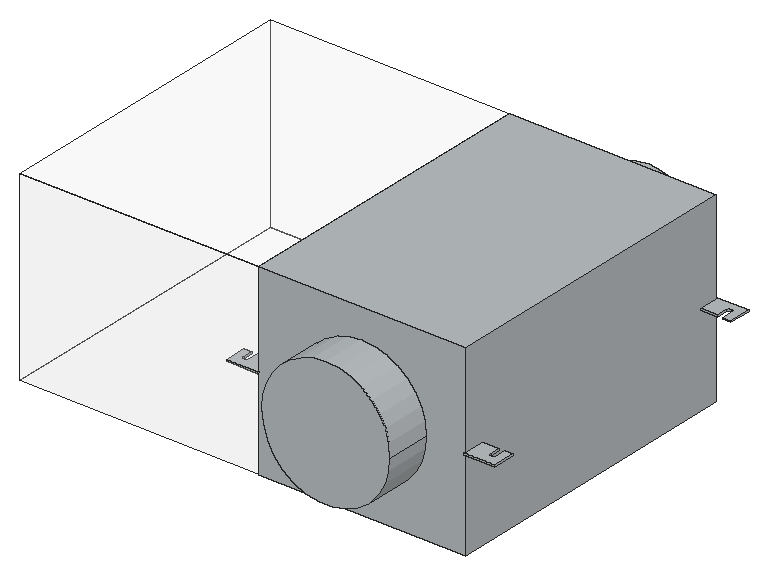
Revit family "bfs-15_150ska2_tka2_50Hz", category 機械設備, Revit 2019
Family settings
  丸型コネクタ寸法 = 直径を使用
  パーツ タイプ = 割り込み
  OmniClass 番号 = 23.75.35.17.27
  OmniClass タイトル = Centrifugal Fans
  作業面ベース = いいえ
  常に垂直 = はい
  ロード時にボイドで切り取り = いいえ
  共有 = いいえ
  部屋計算ポイント = いいえ
Parameters (values of type "BFS-150TKA2")
  騒音レベル(dB(A))_吸込 = 52.5
  騒音レベル(dB(A))_吐出 = 61.5
  騒音レベル(dB(A))_側面 = 41.5
  騒音レベル(dB(A)) = 61.5
  風量 [instance] = 設計風量  # 0.0 m³/h
  電源種別 [instance] = "一般"
  電圧 = 200 V
  電動機出力 = 300 W
  電動機_種別 [instance] = ""
  運転質量 = 0.00 kg
  連動 [instance] = ""
  質量 = if(製品質量 > 運転質量, 製品質量, 運転質量) * 1.2  # 19.80 kg
  負荷分類 = 3_ファン類
  説明 = "ストレートシロッコファン天吊埋込タイプ（高静圧形）"
  設計風量 [instance] = 0.0 m³/h
  設置方法 = "天吊"
  記号 [instance] = ""
  製造元 = "三菱電機株式会社"
  製品質量 = 16.50 kg
  製品出荷対象 = "国内"
  製品リリース年月 = "2022年6月1日"
  製品グループ = ""
  系統 [instance] = ""
  符号 [instance] = if(☑給気／□排気, "FS", "FE")  # "FE"
  積算_科目 = "2 換気設備"
  積算_拾い区分 [instance] = ""
  相 = 3
  盤記号 [instance] = ""
  盤工事区分 = "電気工事"
  発停方法 [instance] = "別売スイッチ"
  番手 = "#1 1/2"
  特殊仕様 [instance] = ""
  火災停止 = ""
  消費電力 = 402 W
  法定耐用年数 = "15"
  機外静圧 [instance] = 0.0 Pa
  極数 = 3
  極 = 4
  材質 [instance] = ""
  本体マテリアル = 溶融亜鉛めっき鋼板
  操作・制御方式 = ""
  操作・制御スイッチ = ""
  排気量 [instance] = if(☑給気／□排気, 0.0 m³/h, 設計風量)  # 0.0 m³/h
  形式 = ""
  形名 = BFS-TKA : BFS-150TKA
  幹線記号 [instance] = ""
  対象室 [instance] = ""
  実風量 = 0.0 m³/h
  始動方式 [instance] = "直入"
  外気量 [instance] = if(☑給気／□排気, 設計風量, 0.0 m³/h)  # 0.0 m³/h
  呼称 = "消音ボックス付送風機"
  周波数 = 50 Hz
  天吊金具ピッチ幅 = 467 mm
  天吊金具ピッチ奥行 = 554 mm
  参照している仕様書等のバージョン = ""
  分類コード = "50052502100020"
  分類グループ = ""
  価格 = 149000
  企業コード = "108420"
  付属品_防振装置 = ""
  付属品 [instance] = ""
  仕様書バージョン = "Version1.0"
  モデル = "BFS-150TKA2"
  ファンの種類 = "多翼形"
  ダクト径 = 250 mm
  サービススペース = yes
  コメント [instance] = ""
  Keynote = ""
  ☑給気／□排気 [instance] = no
  Width = 390 mm
  Version = ""
  Uniclass2015Version = "Systems v1.9"
  Uniclass2015Title = "Centrifugal fans"
  Uniclass2015Code = "Pr_65_67_29_12"
  URL = "https://www.mitsubishielectric.co.jp/ldg/wink/ssl/displayProduct.do?pid=318967"
  SpecificationReference = ""
  SpecificationDescription = ""
  Revision = ""
  ProductInformation = ""
  OmniClassCode = "23-33 31 19 13 15"
  MIN風量 = 1250.0 m³/h
  MIN静圧 = 160.0 Pa
  MID風量 = 0.0 m³/h
  MID静圧 = 0.0 Pa
  MAX風量 = 1500.0 m³/h
  MAX静圧 = 250.0 Pa
  M = 85 mm
  IfcTypeProduct = ""
  IfcProduct = ""
  IfcExportType = "CENTRIFUGALFORWARDCURVED"
  IfcExportAs = "IfcFanType"
  Height = 350 mm
  Depth = 591 mm
  Clearance Top = 0 mm  # constant formula
  Clearance Right = 0 mm  # constant formula
  Clearance Left = 450 mm  # constant formula
  Clearance Front = 0 mm  # constant formula
  Clearance Bottom = 0 mm  # constant formula
  Clearance Back = 0 mm  # constant formula
  Author = "三菱電機株式会社"
Types (13, lengths in mm): name | 騒音レベル(dB(A))_吸込 | 騒音レベル(dB(A))_吐出 | 騒音レベル(dB(A))_側面 | 騒音レベル(dB(A)) | 電圧 | 電動機出力 | 質量 | 製品質量 | 相 | 番手 | 消費電力 | 極数 | 形名 | 天吊金具ピッチ幅 | 天吊金具ピッチ奥行 | 価格 | モデル | ダクト径 | Width | URL | MIN風量 | MIN静圧 | MAX風量 | MAX静圧 | M | Height | Depth
  BFS-15SKA2 | 31 | 37 | 22 | 37 | 100 V | 8 W | 6.24 kg | 5.20 kg | 1 | "#1" | 25 W | 2 | BFS-SKA : BFS-15SKA | 299 | 299 | 49500 | "BFS-15SKA2" | 100 | 223 | "https://www.mitsubishielectric.co.jp/ldg/wink/ssl/displayProduct.do?pid=319024" | 115.0 m³/h | 35.0 Pa | 150.0 m³/h | 55.0 Pa | 60 | 226 | 335
  BFS-30SKA2 | 41.5 | 44.5 | 28.5 | 44.5 | 100 V | 12 W | 6.36 kg | 5.30 kg | 1 | "#1" | 55 W | 2 | BFS-SKA : BFS-30SKA | 299 | 299 | 62000 | "BFS-30SKA2" | 150 | 223 | "https://www.mitsubishielectric.co.jp/ldg/wink/ssl/displayProduct.do?pid=319097" | 240.0 m³/h | 35.0 Pa | 300.0 m³/h | 60.0 Pa | 70 | 226 | 335
  BFS-40SKA2 | 42 | 47 | 30 | 47 | 100 V | 30 W | 8.40 kg | 7.00 kg | 1 | "#1 1/4" | 67 W | 2 | BFS-SKA : BFS-40SKA | 331 | 353 | 73100 | "BFS-40SKA2" | 150 | 255 | "https://www.mitsubishielectric.co.jp/ldg/wink/ssl/displayProduct.do?pid=319102" | 320.0 m³/h | 55.0 Pa | 400.0 m³/h | 80.0 Pa | 70 | 255 | 389
  BFS-50SKA2 | 42.5 | 49 | 30.5 | 49 | 100 V | 45 W | 10.56 kg | 8.80 kg | 1 | "#1 1/4" | 92 W | 2 | BFS-SKA : BFS-50SKA | 395 | 395 | 102000 | "BFS-50SKA2" | 200 | 319 | "https://www.mitsubishielectric.co.jp/ldg/wink/ssl/displayProduct.do?pid=319110" | 420.0 m³/h | 105.0 Pa | 500.0 m³/h | 145.0 Pa | 85 | 255 | 431
  BFS-65SKA2 | 43 | 51 | 31 | 51 | 100 V | 75 W | 13.32 kg | 11.10 kg | 1 | "#1 1/4" | 127 W | 2 | BFS-SKA : BFS-65SKA | 449 | 452 | 108000 | "BFS-65SKA2" | 200 | 373 | "https://www.mitsubishielectric.co.jp/ldg/wink/ssl/displayProduct.do?pid=318892" | 510.0 m³/h | 100.0 Pa | 650.0 m³/h | 170.0 Pa | 85 | 305 | 489
  BFS-80SKA2 | 46 | 54 | 34 | 54 | 100 V | 105 W | 13.32 kg | 11.10 kg | 1 | "#1 1/4" | 175 W | 2 | BFS-SKA : BFS-80SKA | 449 | 452 | 116000 | "BFS-80SKA2" | 200 | 373 | "https://www.mitsubishielectric.co.jp/ldg/wink/ssl/displayProduct.do?pid=318897" | 680.0 m³/h | 115.0 Pa | 800.0 m³/h | 150.0 Pa | 85 | 305 | 489
  BFS-100SKA2 | 48 | 58.5 | 38 | 58.5 | 100 V | 180 W | 18.48 kg | 15.40 kg | 1 | "#1 1/2" | 268 W | 2 | BFS-SKA : BFS-100SKA | 440 | 492 | 129000 | "BFS-100SKA2" | 200 | 363 | "https://www.mitsubishielectric.co.jp/ldg/wink/ssl/displayProduct.do?pid=318846" | 880.0 m³/h | 170.0 Pa | 1000.0 m³/h | 220.0 Pa | 85 | 350 | 528
  BFS-120SKA2 | 49 | 59 | 38.5 | 59 | 100 V | 200 W | 19.68 kg | 16.40 kg | 1 | "#1 1/2" | 307 W | 2 | BFS-SKA : BFS-120SKA | 467 | 554 | 139000 | "BFS-120SKA2" | 250 | 390 | "https://www.mitsubishielectric.co.jp/ldg/wink/ssl/displayProduct.do?pid=318951" | 1000.0 m³/h | 175.0 Pa | 1200.0 m³/h | 260.0 Pa | 85 | 350 | 591
  BFS-150SKA2 | 54 | 62 | 41.5 | 62 | 100 V | 300 W | 19.92 kg | 16.60 kg | 1 | "#1 1/2" | 426 W | 2 | BFS-SKA : BFS-150SKA | 467 | 554 | 149000 | "BFS-150SKA2" | 250 | 390 | "https://www.mitsubishielectric.co.jp/ldg/wink/ssl/displayProduct.do?pid=318959" | 1330.0 m³/h | 190.0 Pa | 1500.0 m³/h | 240.0 Pa | 85 | 350 | 591
  BFS-80TKA2 | 45 | 55 | 33 | 55 | 200 V | 170 W | 14.64 kg | 12.20 kg | 3 | "#1 1/4" | 150 W | 3 | BFS-TKA : BFS-80TKA | 449 | 452 | 116000 | "BFS-80TKA2" | 200 | 373 | "https://www.mitsubishielectric.co.jp/ldg/wink/ssl/displayProduct.do?pid=318466" | 660.0 m³/h | 120.0 Pa | 800.0 m³/h | 175.0 Pa | 85 | 305 | 489
  BFS-100TKA2 | 48.5 | 59 | 38 | 59 | 200 V | 200 W | 17.40 kg | 14.50 kg | 3 | "#1 1/2" | 240 W | 3 | BFS-TKA : BFS-100TKA | 440 | 492 | 129000 | "BFS-100TKA2" | 200 | 363 | "https://www.mitsubishielectric.co.jp/ldg/wink/ssl/displayProduct.do?pid=318947" | 780.0 m³/h | 140.0 Pa | 1000.0 m³/h | 230.0 Pa | 85 | 350 | 528
  BFS-120TKA2 | 49 | 59.5 | 38.5 | 59.5 | 200 V | 200 W | 19.80 kg | 16.50 kg | 3 | "#1 1/2" | 302 W | 3 | BFS-TKA : BFS-120TKA | 467 | 554 | 139000 | "BFS-120TKA2" | 250 | 390 | "https://www.mitsubishielectric.co.jp/ldg/wink/ssl/displayProduct.do?pid=318955" | 930.0 m³/h | 170.0 Pa | 1200.0 m³/h | 280.0 Pa | 85 | 350 | 591
  BFS-150TKA2 | 52.5 | 61.5 | 41.5 | 61.5 | 200 V | 300 W | 19.80 kg | 16.50 kg | 3 | "#1 1/2" | 402 W | 3 | BFS-TKA : BFS-150TKA | 467 | 554 | 149000 | "BFS-150TKA2" | 250 | 390 | "https://www.mitsubishielectric.co.jp/ldg/wink/ssl/displayProduct.do?pid=318967" | 1250.0 m³/h | 160.0 Pa | 1500.0 m³/h | 250.0 Pa | 85 | 350 | 591
Reference planes
  plane 1 "中心(正面/背面)": y = 0
  plane 2: z = 0
  plane 3 "中心(左/右)": x = -128
  plane 4 "左": x = -323
  plane 5 "右": x = 67
  plane 6 "背面": y = 295.5
  plane 7 "正面": y = -295.5
  plane 8: z = 175
  plane 9: y = 277
  plane 10: y = -277
  plane 11: x = 105.5
  plane 12: x = -361.5
  plane 13: z = -175
  plane 14: z = 175
  plane 15: z = -175
  plane 16: y = 295.5
  plane 17: y = -295.5
  plane 18: x = 67
  plane 19: x = -773
Lines and regions (mm)
  Masking region 1, detail levels coarse+medium
    outline origin (-315.261, -441.142, 0) x (1, 0, 0) y (0, 1, 0)
      loop
        line (-7.739, 145.642) -> (382.261, 145.642) -> (382.261, 736.642) -> (-7.739, 736.642) -> (-7.739, 145.642)
  symbolic lines, detail levels coarse+medium
    curve 1: line (-323, 295.5, 0) -> (67, 0, 0)
    curve 2: line (67, 0, 0) -> (-323, -295.5, 0)
Dimensions and locks
  "Width": plane 4 "左" to plane 5 "右"
  equal spacing: plane 7 "正面", plane 1 "中心(正面/背面)", plane 6 "背面"
  "Depth": plane 7 "正面" to plane 6 "背面"
  equal spacing: plane 8, level, plane 13
  "Height": plane 8 to plane 13
  "Clearance Top": plane 14 to plane 8
  "Clearance Bottom": plane 13 to plane 15
  "Clearance Back": plane 6 "背面" to plane 16
  "Clearance Front": plane 17 to plane 7 "正面"
  "Clearance Left": plane 19 to plane 4 "左"
  "Clearance Right": plane 5 "右" to plane 18
  equal spacing: plane 4 "左", plane 3 "中心(左/右)", plane 5 "右"
  equal spacing: plane 12, plane 3 "中心(左/右)", plane 11
  "天吊金具ピッチ幅": plane 12 to plane 11
  equal spacing: plane 10, plane 1 "中心(正面/背面)", plane 9
  "天吊金具ピッチ奥行": plane 10 to plane 9
  aligned and locked: level to plane 2
  aligned and locked: nested 2 to plane 9
  aligned and locked: plane 10 to nested 2
  aligned and locked: plane 12 to nested 2
  aligned and locked: plane 11 to nested 2
  aligned and locked: plane 8 to nested 1
  aligned and locked: plane 13 to nested 1
  aligned and locked: plane 19 to nested 3
  aligned and locked: plane 17 to nested 3
  aligned and locked: plane 14 to nested 3
  aligned and locked: plane 15 to nested 3
  aligned and locked: plane 16 to nested 3
  aligned and locked: plane 4 "左" to nested 3
  aligned and locked: plane 1 "中心(正面/背面)" to nested 1
  aligned and locked: nested 1 to plane 3 "中心(左/右)"
  aligned and locked: Masking region 1 to plane 4 "左"
  aligned and locked: Masking region 1 to plane 6 "背面"
  aligned and locked: plane 7 "正面" to Masking region 1
  aligned and locked: plane 5 "右" to Masking region 1
Automatic sketch dimensions
  Masking region 1 sketch curve to plane 7 "正面" = 591 mm
  plane 19 to Masking region 1 sketch curve = 450 mm
  plane 3 "中心(左/右)" to Masking region 1 sketch curve = 195 mm
  Masking region 1 sketch curve to Masking region 1 sketch curve = 591 mm
  curve 2 to plane 4 "左" = 0 mm
  curve 1 to plane 4 "左" = 0 mm
  plane 1 "中心(正面/背面)" to curve 1 = 0 mm
  curve 1 to plane 5 "右" = 0 mm
  plane 7 "正面" to curve 2 = 0 mm
  plane 6 "背面" to curve 1 = 0 mm
Nested families
  nested 1: "BFS-TKA" at (-128, 0, -175) x (0, -1, 0) z (0, 0, 1), type <- "形名", type "BFS-150TKA"
  nested 2: "固定点" at (-361.5, -277, 0), type "固定点"
    with W 467 mm, D 554 mm
  nested 3: "サービススペース" at (-548, 0, 0), visible <- "サービススペース", type "サービススペース"
    with Width 450 mm, Height 350 mm, Depth 591 mm
Connectors
  hvac at (-128, -380.5, 0), driven by "ダクト径", driven by "機外静圧", driven by "風量"
    settings: on nested 1, index 2, duct flow 0.0 m³/h, flow factor 0, pres drop 0.0 Pa, loss coef 0, conn angle 0.00°, conn width 304.8 mm, conn height 304.8 mm, conn diameter 250 mm, duct sys type 29, conn prof type 0, flow config 0, flow direction 2, loss method 4, conn ref index -1, conn util no, is conn primary yes, conn desc "Out"
  hvac at (-128, 380.5, 0), driven by "ダクト径", driven by "機外静圧", driven by "風量"
    settings: on nested 1, index 3, duct flow 0.0 m³/h, flow factor 0, pres drop 0.0 Pa, loss coef 0, conn angle 0.00°, conn width 304.8 mm, conn height 304.8 mm, conn diameter 250 mm, duct sys type 29, conn prof type 0, flow config 0, flow direction 1, loss method 4, conn ref index -1, conn util no, is conn primary no, conn desc "In"
  electrical at (-345, -149, 71.5), driven by "極数", driven by "負荷分類", driven by "電圧", driven by "消費電力"
    settings: on nested 1, index 4, voltage 200 V, apparent load 402 VA, apparent load phase1 0 VA, apparent load phase2 0 VA, apparent load phase3 0 VA, power factor 1, load classification "3_ファン類", number of poles 3, system type 30, power factor state 1, is connector primary yes, connector utility no, sub classification motor no, connector description ""
Definition of nested family "BFS-TKA"
  Parameters (values of type "BFS-80TKA")
    端子カバー高 = 99 mm  # constant formula
    端子カバー手前位置 = 63 mm
    端子カバー幅 = 22 mm  # constant formula
    端子カバー奥行 = 131 mm  # constant formula
    端子カバー上位置 = 139 mm
    天吊金具ピッチ幅 = 452 mm
    天吊金具ピッチ奥行 = 449 mm
    マテリアル = none
    φ = 192 mm
    Φ = 208 mm
    kb_z = 50 mm
    b = 391 mm
    a = 85 mm
    W = 489 mm
    H = 305 mm
    c = 53 mm
    D = 373 mm
  Types (4, lengths in mm): name | 端子カバー手前位置 | 端子カバー上位置 | 天吊金具ピッチ幅 | 天吊金具ピッチ奥行 | φ | Φ | kb_z | W | H | c | D
    BFS-80TKA | 63 | 139 | 452 | 449 | 192 | 208 | 50 | 489 | 305 | 53 | 373
    BFS-100TKA | 81 | 54 | 492 | 440 | 192 | 208 | 150 | 528 | 350 | 70 | 363
    BFS-120TKA | 81 | 54 | 554 | 467 | 242 | 258 | 150 | 591 | 350 | 70 | 390
    BFS-150TKA | 81 | 54 | 554 | 467 | 242 | 258 | 150 | 591 | 350 | 70 | 390
  Reference planes
    plane 1 "中心(正面/背面)": y = 0
    plane 2: z = 0
    plane 3 "中心(左/右)": x = 0
    plane 4: y = 186.5
    plane 5: y = 224.5
    plane 6: y = 244.5
    plane 7: y = -186.5
    plane 8: y = -224.5
    plane 9: y = -244.5
    plane 10: x = -244.5
    plane 11: x = -226
    plane 12: x = -247.5
    plane 13: x = 244.5
    plane 14: x = 226
    plane 15: x = 247.5
    plane 16: z = 305
    plane 17: z = 600
    plane 18: z = 900
    plane 19: z = 1200
    plane 20: x = -209.5
    plane 21: x = 181.5
    plane 22: x = 329.5
    plane 23: x = -329.5
    plane 24: z = 152.5
    plane 25: z = 149.5
    plane 26: z = 111.5
    plane 27: x = -206.5
    plane 28: z = 134.5
    plane 29: x = 206.5
    plane 30: y = 189.5
    plane 31: x = 50.5
    plane 32: z = 166
    plane 33: z = 67
    plane 34: y = -208.5
  Forms (mm)
    Extrusion 1, solid, material <- "マテリアル", detail levels fine
      sketch origin (0, 0, 0) x (1, 0, 0) y (0, 1, 0)
        loop
          line (-244.5, 186.5) -> (-244.5, -186.5) -> (244.5, -186.5) -> (244.5, 186.5) -> (-244.5, 186.5)
      from 0 to 305
    Extrusion 2, solid, material <- "マテリアル", detail levels fine
      sketch origin (0, 0, 0) x (1, 0, 0) y (0, 1, 0)
        loop
          line (-247.5, -186.5) -> (-247.5, -244.5) -> (-206.5, -244.5) -> (-206.5, -230) -> (-226, -230)
          arc (-226, -230) -> (-231.5, -224.5) -> (-226, -219) r 5.5
          line (-226, -219) -> (-206.5, -219) -> (-206.5, -186.5) -> (-247.5, -186.5)
      from 149.5 to 152.5
    Extrusion 3, solid, material <- "マテリアル", detail levels fine
      sketch origin (0, 0, 0) x (1, 0, 0) y (0, 1, 0)
        loop
          line (-247.5, 186.5) -> (-206.5, 186.5) -> (-206.5, 219) -> (-226, 219)
          arc (-226, 219) -> (-231.5, 224.5) -> (-226, 230) r 5.5
          line (-226, 230) -> (-206.5, 230) -> (-206.5, 244.5) -> (-247.5, 244.5) -> (-247.5, 186.5)
      from 149.5 to 152.5
    Extrusion 4, solid, material <- "マテリアル", detail levels fine
      sketch origin (0, 0, 0) x (-1, 0, 0) y (0, -1, 0)
        loop
          line (-247.5, -186.5) -> (-247.5, -244.5) -> (-206.5, -244.5) -> (-206.5, -230) -> (-226, -230)
          arc (-226, -230) -> (-231.5, -224.5) -> (-226, -219) r 5.5
          line (-226, -219) -> (-206.5, -219) -> (-206.5, -186.5) -> (-247.5, -186.5)
      from 149.5 to 152.5
    Extrusion 5, solid, material <- "マテリアル", detail levels fine
      sketch origin (0, 0, 0) x (-1, 0, 0) y (0, -1, 0)
        loop
          line (-247.5, 186.5) -> (-206.5, 186.5) -> (-206.5, 219) -> (-226, 219)
          arc (-226, 219) -> (-231.5, 224.5) -> (-226, 230) r 5.5
          line (-226, 230) -> (-206.5, 230) -> (-206.5, 244.5) -> (-247.5, 244.5) -> (-247.5, 186.5)
      from 149.5 to 152.5
    Extrusion 6, solid, material <- "マテリアル", detail levels fine
      sketch origin (0, 0, 0) x (0, 1, 0) y (0, 0, 1)
        loop
          circle (0, 152.5) r 96
      from -244.5 to -329.5
    Extrusion 7, solid, material <- "マテリアル", detail levels fine
      sketch origin (0, 0, 0) x (0, 1, 0) y (0, 0, -1)
        loop
          circle (0, -152.5) r 96
      from -244.5 to -329.5
    Extrusion 8, solid, material <- "マテリアル", detail levels fine
      sketch origin (0, 0, 0) x (1, 0, 0) y (0, 0, 1)
        loop
          line (181.5, 166) -> (50.5, 166) -> (50.5, 67) -> (181.5, 67) -> (181.5, 166)
      from 186.5 to 208.5
  Dimensions and locks
    plane 12 to plane 15 = 495 mm
    "天吊金具ピッチ幅": plane 11 to plane 14
    "W": plane 10 to plane 13
    plane 9 to plane 6 = 489 mm
    "天吊金具ピッチ奥行": plane 8 to plane 5
    "D": plane 7 to plane 4
    equal spacing: plane 7, plane 1 "中心(正面/背面)", plane 4
    equal spacing: plane 10, plane 3 "中心(左/右)", plane 13
    "H": plane 16 to level
    locked: plane 5 to plane 6 at 20
    locked: plane 9 to plane 8 at 20
    locked: plane 13 to plane 15 at 3
    locked: plane 12 to plane 10 at 3
    equal spacing: plane 16, plane 24, level
    locked: plane 24 to plane 25 at 3
    locked: plane 24 to plane 26 at 41
    locked: plane 12 to plane 27 at 41
    locked: plane 25 to plane 28 at 15
    locked: plane 29 to plane 15 at 41
    locked: plane 30 to plane 4 at 3
    "a": plane 23 to plane 10
    "a": plane 13 to plane 22
    "端子カバー手前位置": plane 13 to plane 21
    "b": plane 21 to plane 20
    "端子カバー奥行": plane 21 to plane 31
    "端子カバー高": plane 32 to plane 33
    "端子カバー幅": plane 34 to plane 7
    equal spacing: plane 11, plane 3 "中心(左/右)", plane 14
    equal spacing: plane 8, plane 1 "中心(正面/背面)", plane 5
    "端子カバー上位置": plane 16 to plane 32
    "φ": diameter of Extrusion 6 sketch curve
    "φ": diameter of Extrusion 7 sketch curve
    aligned and locked: level to plane 2
    aligned and locked: plane 4 to Extrusion 1 sketch curve
    aligned and locked: plane 10 to Extrusion 1 sketch curve
    aligned and locked: Extrusion 1 sketch curve to plane 7
    aligned and locked: Extrusion 1 sketch curve to plane 13
    aligned and locked: plane 16 to Extrusion 1
    aligned and locked: plane 7 to Extrusion 2 sketch curve
    aligned and locked: plane 12 to Extrusion 2 sketch curve
    aligned and locked: Extrusion 2 sketch curve to plane 9
    aligned and locked: Extrusion 2 sketch curve to plane 27  (x2)
    aligned and locked: plane 11 to Extrusion 2 sketch curve
    aligned and locked: plane 8 to Extrusion 2 sketch curve
    aligned and locked: plane 24 to Extrusion 2
    aligned and locked: Extrusion 2 to plane 25
    aligned and locked: plane 27 to Extrusion 3 sketch curve  (x2)
    aligned and locked: plane 5 to Extrusion 3 sketch curve
    aligned and locked: plane 11 to Extrusion 3 sketch curve
    aligned and locked: Extrusion 3 sketch curve to plane 6
    aligned and locked: Extrusion 3 sketch curve to plane 12
    aligned and locked: plane 4 to Extrusion 3 sketch curve
    aligned and locked: plane 24 to Extrusion 3
    aligned and locked: Extrusion 3 to plane 25
    aligned and locked: Extrusion 4 to plane 6
    aligned and locked: plane 15 to Extrusion 4
    aligned and locked: Extrusion 4 to plane 29
    aligned and locked: plane 29 to Extrusion 4 sketch curve  (x2)
    aligned and locked: plane 6 to Extrusion 4 sketch curve
    aligned and locked: Extrusion 4 sketch curve to plane 15
    aligned and locked: plane 5 to Extrusion 4 sketch curve
    aligned and locked: plane 14 to Extrusion 4 sketch curve
    aligned and locked: Extrusion 4 sketch curve to plane 4
    aligned and locked: Extrusion 4 to plane 25
    aligned and locked: plane 24 to Extrusion 4
    aligned and locked: plane 9 to Extrusion 5 sketch curve
    aligned and locked: plane 15 to Extrusion 5 sketch curve
    aligned and locked: Extrusion 5 sketch curve to plane 7
    aligned and locked: Extrusion 5 sketch curve to plane 29  (x2)
    aligned and locked: plane 14 to Extrusion 5 sketch curve
    aligned and locked: plane 8 to Extrusion 5 sketch curve
    aligned and locked: Extrusion 5 to plane 25
    aligned and locked: plane 24 to Extrusion 5
    aligned and locked: plane 1 "中心(正面/背面)" to Extrusion 6 sketch curve
    aligned and locked: plane 24 to Extrusion 6 sketch curve
    aligned and locked: Extrusion 6 to plane 23
    aligned and locked: plane 24 to Extrusion 7 sketch curve
    aligned and locked: plane 1 "中心(正面/背面)" to Extrusion 7 sketch curve
    aligned and locked: plane 22 to Extrusion 7
    aligned and locked: plane 32 to Extrusion 8 sketch curve
    aligned and locked: plane 21 to Extrusion 8 sketch curve
    aligned and locked: Extrusion 8 sketch curve to plane 33
    aligned and locked: Extrusion 8 sketch curve to plane 31
    aligned and locked: Extrusion 8 to plane 7
    aligned and locked: Extrusion 7 to plane 13
    aligned and locked: plane 10 to Extrusion 6
    aligned and locked: plane 34 to Extrusion 8
  Automatic sketch dimensions
    Extrusion 2 sketch curve to plane 11 = 0 mm
    plane 8 to Extrusion 2 sketch curve = 5.5 mm
    Extrusion 3 sketch curve to plane 11 = 0 mm
    plane 5 to Extrusion 3 sketch curve = 5.5 mm
    Extrusion 4 sketch curve to plane 14 = 0 mm
    Extrusion 4 sketch curve to plane 5 = 5.5 mm
    Extrusion 5 sketch curve to plane 14 = 0 mm
    Extrusion 5 sketch curve to plane 8 = 5.5 mm
Definition of nested family "サービススペース"
  Parameters (values of type "サービススペース")
    Width [instance] = 500 mm
    Height [instance] = 500 mm
    Depth [instance] = 500 mm
  Reference planes
    plane 1 "中心(正面/背面)": y = 0
    plane 2: z = 0
    plane 3 "中心(左/右)": x = 0
    plane 4: y = -250
    plane 5: x = 250
    plane 6: y = 250
    plane 7: x = -250
    plane 8: z = 250
    plane 9: z = -250
  Forms (mm)
    Extrusion 1, solid
      sketch origin (-638.939, 0, 72.39) x (1, 0, 0) y (0, 1, 0)
        loop
          line (388.939, 250) -> (388.939, -250) -> (888.939, -250) -> (888.939, 250) -> (388.939, 250)
      from -322.39 to 177.61
  Lines and regions (mm)
    symbolic lines
      curve 1: line (-250, 0, 250) -> (250, 0, 250)
      curve 2: line (-250, 0, -250) -> (-250, 0, 250)
      curve 3: line (250, 0, -250) -> (-250, 0, -250)
      curve 4: line (250, 0, 250) -> (250, 0, -250)
      curve 5: line (0, -250, 250) -> (0, 250, 250)
      curve 6: line (0, -250, -250) -> (0, -250, 250)
      curve 7: line (0, 250, -250) -> (0, -250, -250)
      curve 8: line (0, 250, 250) -> (0, 250, -250)
      curve 9: line (-250, 250, 0) -> (250, 250, 0)
      curve 10: line (-250, -250, 0) -> (-250, 250, 0)
      curve 11: line (250, -250, 0) -> (-250, -250, 0)
      curve 12: line (250, 250, 0) -> (250, -250, 0)
  Dimensions and locks
    equal spacing: plane 7, plane 3 "中心(左/右)", plane 5
    equal spacing: plane 4, plane 1 "中心(正面/背面)", plane 6
    "Depth": plane 4 to plane 6
    "Width": plane 7 to plane 5
    equal spacing: plane 8, plane 2, plane 9
    "Height": plane 8 to plane 9
    aligned and locked: plane 9 to curve 3
    aligned and locked: plane 7 to curve 2
    aligned and locked: curve 4 to plane 5
    aligned and locked: plane 5 to Extrusion 1
    aligned and locked: Extrusion 1 to plane 7
    aligned and locked: Extrusion 1 to plane 9
    aligned and locked: plane 8 to Extrusion 1
    aligned and locked: plane 9 to curve 7
  Automatic sketch dimensions
    plane 4 to Extrusion 1 sketch curve = 0 mm
    Extrusion 1 sketch curve to plane 7 = 0 mm
    Extrusion 1 sketch curve to plane 5 = 0 mm
    plane 6 to Extrusion 1 sketch curve = 0 mm
    curve 2 to plane 8 = 0 mm
    plane 4 to curve 11 = 0 mm
    curve 11 to plane 7 = 0 mm
    curve 11 to plane 5 = 0 mm
    plane 6 to curve 10 = 0 mm
    curve 7 to plane 4 = 0 mm
    curve 7 to plane 6 = 0 mm
    curve 6 to plane 8 = 0 mm
Definition of nested family "固定点"
  Parameters (values of type "固定点")
    中心円 = 11 mm
    W [instance] = 1000 mm
    D [instance] = 1000 mm
  Reference planes
    plane 1 "中心(正面/背面)": y = 0
    plane 2: z = 0
    plane 3 "中心(左/右)": x = 0
    plane 4: x = 1000
    plane 5: y = 1000
  Lines and regions (mm)
    symbolic lines, detail levels fine
      curve 1: circle (0, 1000, 0) r 5.5 normal (0, 0, 1)
      curve 2: circle (0, 0, 0) r 5.5 normal (0, 0, 1)
      curve 3: circle (1000, 1000, 0) r 5.5 normal (0, 0, 1)
      curve 4: circle (1000, 0, 0) r 5.5 normal (0, 0, 1)
      curve 5: line (-200, 1000, 0) -> (1200, 1000, 0)
      curve 6: line (-200, 0, 0) -> (1200, 0, 0)
      curve 7: line (0, 1200, 0) -> (0, -200, 0)
      curve 8: line (1000, 1200, 0) -> (1000, -200, 0)
  Dimensions and locks
    "W": plane 3 "中心(左/右)" to plane 4
    "D": plane 1 "中心(正面/背面)" to plane 5
    "中心円": diameter of curve 1
    "中心円": diameter of curve 2
    "中心円": diameter of curve 3
    "中心円": diameter of curve 4
    aligned and locked: level to plane 2
    aligned and locked: plane 5 to curve 1
    aligned and locked: plane 3 "中心(左/右)" to curve 1
    aligned and locked: plane 3 "中心(左/右)" to curve 2
    aligned and locked: plane 1 "中心(正面/背面)" to curve 2
    aligned and locked: plane 4 to curve 3
    aligned and locked: plane 5 to curve 3
    aligned and locked: plane 1 "中心(正面/背面)" to curve 4
    aligned and locked: plane 4 to curve 4
    aligned and locked: plane 1 "中心(正面/背面)" to curve 6
    aligned and locked: curve 7 to plane 3 "中心(左/右)"
    aligned and locked: curve 8 to plane 4
  Automatic sketch dimensions
    curve 5 to plane 5 = 0 mm
    curve 6 to plane 3 "中心(左/右)" = 200 mm
    curve 5 to plane 3 "中心(左/右)" = 200 mm
    curve 4 to curve 6 = 200 mm
    curve 3 to curve 5 = 200 mm
    plane 1 "中心(正面/背面)" to curve 8 = 200 mm
    plane 1 "中心(正面/背面)" to curve 7 = 200 mm
    curve 3 to curve 8 = 200 mm
    curve 1 to curve 7 = 200 mm
